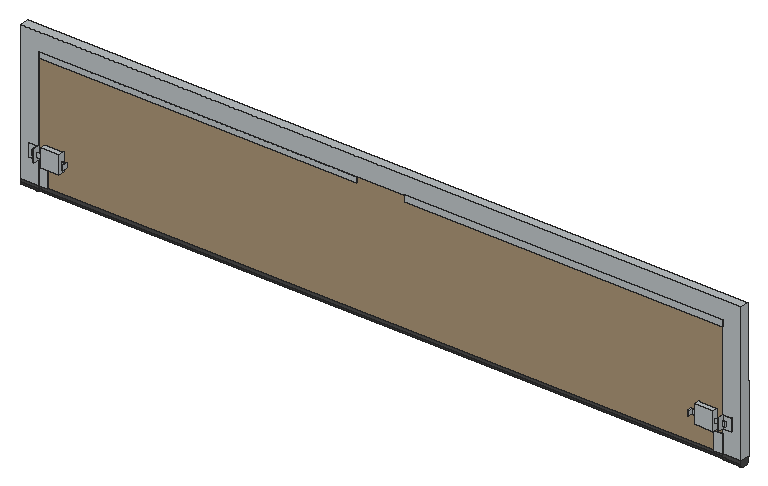
Revit family "DoorPanel_Breakaway_SuperSeal_6500", category Doors, Revit 2010
Parameters
  offset [instance] = 0' - 0"
  Warranty Duration (Years) = 0
  Unit Width [instance] = 10' - 0"
  Unit Height [instance] = 2' - 0"
  Unit Depth = 0' - 1 1/2"
  URL = "http://www.supersealmfg.com/"
  Specification = ""
  SpecWizard = ""
  Send Message = "http://www.arcat.com/users.pl?action=UserEmail&company=Super-Seal%20Mfg.%20Ltd&coid=44693&rep=119&fax=905-850-4440 &mf="
  Security Lock [instance] = yes
  Seal Material [instance] = Rubber - Super Seal - Black
  Sales Information = "http://www.supersealmfg.com/ContactUs.htm"
  Revision = "R1_07-2011"
  Product Properties = ""
  Product Data = "http://arcat.com/arcatcos/cos44/arc44693.html?isac=1&r=1"
  Panel Thickness [instance] = 0' - 1 1/4"
  Panel Material [instance] = Plastic - Vinyl - Super Seal - Brown
  Model = "As Specified"
  Manufacturer Website = "http://www.supersealmfg.com/"
  Manufacturer Phone - Toll Free = "800-337-3239 "
  Manufacturer Phone = "800-337-3239 "
  Manufacturer Fax = "905-850-4440 "
  Manufacturer Address = "670 Rowntree Dairy Rd. Woodbridge , ON, Canada L4L-5T8"
  Manufacturer = "Super-Seal Mfg. Ltd"
  Maintenance Schedule (Months) = 0
  Keynote = ""
  Installation-Fabrication = ""
  Installation Phase = ""
  Hardware Finish [instance] = Metal - Steel - Super Seal - Galvanized
  Green Building-LEED = ""
  Function = (empty or 0)
  Frame Width = 0' - 3"
  Frame Finish [instance] = Metal - Steel - Super Seal - Galvanized
  Expected Lifespan (Years) = 0
  Drawn By = "Sumex Design, Inc. / Robert S. Weygant, CSI, CDT, SCIP"
  Description = "Super Seal"
  Default Elevation = 4' - 0"
  Copyright = "©Arcat Inc."
  Construction Details = "http://arcat.com/details/supersea/supersea.html?coid=44693"
  Assembly Code = ""
Reference planes (in)
  plane 1 "Center (Front/Back)": y = 0
  plane 2 "Bottom": z = 0
  plane 3 "Center (Left/Right)": x = 0
  plane 4 "Front": y = -0.75
  plane 5 "Back": y = 0.75
  plane 6 "Left": x = -60
  plane 7 "Right": x = 60
  plane 8 "Top": z = 24
  plane 9: x = -57
  plane 10: z = 21
  plane 11: x = 57
  plane 12: z = 1
  plane 13: y = 0.625
  plane 14: y = -0.625
Forms (in)
  Sweep 1, solid, material "Metal - Steel - Super Seal - Galvanized" <- "Frame Finish"
    path origin (0, 0, 0) x (1, 0, 0) y (0, 0, 1)
      loop
        line (-60, 1) -> (-60, 24) -> (60, 24) -> (60, 1)
    profile origin (-60, 0, 12.5) x (-1, 0, 0) y (0, -1, 0)
      loop
        line (0, -0.75) -> (0, 0.75) -> (-3, 0.75) -> (-3, -0.75) -> (0, -0.75)
  Extrusion 2, solid, material "Rubber - Super Seal - Black" <- "Seal Material"
    sketch origin (-60, 16.34522, 48) x (0, 1, 0) y (0, 0, 1)
      loop
        line (-15.59522, -47) -> (-17.09522, -47) -> (-17.09522, -47.5)
        arc (-17.09522, -47.5) -> (-16.94877, -47.85355) -> (-16.59522, -48) r 0.5
        line (-16.59522, -48) -> (-16.09522, -48)
        arc (-16.09522, -48) -> (-15.74167, -47.85355) -> (-15.59522, -47.5) r 0.5
        line (-15.59522, -47.5) -> (-15.59522, -47)
    from 0 to 3
  Extrusion 3, solid, material "Rubber - Super Seal - Black" <- "Seal Material"
    sketch origin (60, 16.34522, 48) x (0, 1, 0) y (0, 0, 1)
      loop
        line (-15.59522, -47) -> (-17.09522, -47) -> (-17.09522, -47.5)
        arc (-17.09522, -47.5) -> (-16.94877, -47.85355) -> (-16.59522, -48) r 0.5
        line (-16.59522, -48) -> (-16.09522, -48)
        arc (-16.09522, -48) -> (-15.74167, -47.85355) -> (-15.59522, -47.5) r 0.5
        line (-15.59522, -47.5) -> (-15.59522, -47)
    from 0 to -3
  Extrusion 4, solid, material "Rubber - Super Seal - Black" <- "Seal Material"
    sketch origin (57, -180, 36.71658) x (0, 0, 1) y (0, -1, 0)
      loop
        line (-35.71658, -180.625) -> (-35.71658, -179.375) -> (-36.21658, -179.375)
        arc (-36.21658, -179.375) -> (-36.57013, -179.52145) -> (-36.71658, -179.875) r 0.5
        line (-36.71658, -179.875) -> (-36.71658, -180.125)
        arc (-36.71658, -180.125) -> (-36.57013, -180.47855) -> (-36.21658, -180.625) r 0.5
        line (-36.21658, -180.625) -> (-35.71658, -180.625)
    from 0 to -114
  Extrusion 5, solid, material "Plastic - Vinyl - Super Seal - Brown" <- "Panel Material"
    sketch origin (-68.51125, -0.625, 48) x (-1, 0, 0) y (0, 0, -1)
      loop
        line (-11.51125, 27) -> (-11.51125, 47) -> (-125.51125, 47) -> (-125.51125, 27) -> (-11.51125, 27)
    from 0 to -1.25
  Extrusion 6, solid, material "Metal - Steel - Super Seal - Galvanized" <- "Hardware Finish"
    sketch origin (-68.51125, 0.625, 48) x (-1, 0, 0) y (0, 0, 1)
      loop
        line (-11.51125, -27) -> (-64.51125, -27) -> (-64.51125, -28) -> (-11.51125, -28) -> (-11.51125, -27)
      loop
        line (-125.51125, -27) -> (-125.51125, -28) -> (-72.51125, -28) -> (-72.51125, -27) -> (-125.51125, -27)
    from 0 to 0.125
  Extrusion 7, solid, material "Metal - Steel - Super Seal - Galvanized" <- "Hardware Finish"
    sketch origin (-68.51125, -0.625, 48) x (-1, 0, 0) y (0, 0, -1)
      loop
        line (-11.51125, 27) -> (-11.51125, 28) -> (-64.51125, 28) -> (-64.51125, 27) -> (-11.51125, 27)
      loop
        line (-125.51125, 27) -> (-72.51125, 27) -> (-72.51125, 28) -> (-125.51125, 28) -> (-125.51125, 27)
    from 0 to 0.125
  Extrusion 8, solid, material "Metal - Steel - Super Seal - Galvanized" <- "Hardware Finish"
    sketch origin (-68.51125, -0.625, 48) x (-1, 0, 0) y (0, 0, -1)
      loop
        line (-11.51125, 44) -> (-11.51125, 47) -> (-13.01125, 47) -> (-13.01125, 44) -> (-11.51125, 44)
      loop
        line (-125.51125, 44) -> (-124.01125, 44) -> (-124.01125, 47) -> (-125.51125, 47) -> (-125.51125, 44)
    from 0 to 0.125
  Extrusion 9, solid, material "Metal - Steel - Super Seal - Galvanized" <- "Hardware Finish"
    sketch origin (-68.51125, 0.625, 48) x (-1, 0, 0) y (0, 0, 1)
      loop
        line (-11.51125, -44) -> (-13.01125, -44) -> (-13.01125, -47) -> (-11.51125, -47) -> (-11.51125, -44)
      loop
        line (-125.51125, -44) -> (-125.51125, -47) -> (-124.01125, -47) -> (-124.01125, -44) -> (-125.51125, -44)
    from 0 to 0.125
  Extrusion 10, solid, material "Metal - Steel - Super Seal - Galvanized" <- "Hardware Finish", visible <- "Security Lock"
    sketch origin (-68.51125, -0.625, 48) x (-1, 0, 0) y (0, 0, -1)
      loop
        line (-124.4353, 43.60577) -> (-124.4353, 40.60577) -> (-121.4353, 40.60577) -> (-121.4353, 43.60577) -> (-124.4353, 43.60577)
      loop
        line (-12.58721, 43.60577) -> (-15.58721, 43.60577) -> (-15.58721, 40.60577) -> (-12.58721, 40.60577) -> (-12.58721, 43.60577)
    from 0 to 1
  Extrusion 11, solid, material "Metal - Steel - Super Seal - Galvanized" <- "Hardware Finish", visible <- "Security Lock"
    sketch origin (0, 0, 0) x (1, 0, 0) y (0, 1, 0)
      loop
        line (-57, -0.75) -> (-58.5, -0.75) -> (-58.5, -0.875) -> (-57.125, -0.875) -> (-57.125, -1.75) -> (-57, -1.75) -> (-57, -0.75)
      loop
        line (57, -0.75) -> (57, -1.75) -> (57.125, -1.75) -> (57.125, -0.875) -> (58.5, -0.875) -> (58.5, -0.75) -> (57, -0.75)
    from 4.89453 to 6.89453
  Extrusion 12, solid, material "Metal - Steel - Super Seal - Galvanized" <- "Hardware Finish", visible <- "Security Lock"
    sketch origin (0, 0, 0) x (1, 0, 0) y (0, 1, 0)
      loop
        line (-57.75, -1.125) -> (-57.75, -1.25) -> (-52.125, -1.25) -> (-52.125, -1.875) -> (-52, -1.875) -> (-52, -1.125) -> (-57.75, -1.125)
      loop
        line (57.75, -1.125) -> (52, -1.125) -> (52, -1.875) -> (52.125, -1.875) -> (52.125, -1.25) -> (57.75, -1.25) -> (57.75, -1.125)
    from 5.51953 to 6.26953
Cuts and joins
  joined: Extrusion 10, Extrusion 11, Extrusion 12
Dimensions and locks (in)
  equal spacing: plane 6 "Left", plane 3 "Center (Left/Right)", plane 7 "Right"
  "Unit Width": plane 6 "Left" to plane 7 "Right"
  equal spacing: plane 5 "Back", plane 1 "Center (Front/Back)", plane 4 "Front"
  "Unit Depth": plane 5 "Back" to plane 4 "Front"
  "Unit Height": plane 8 "Top" to level
  "Frame Width": plane 7 "Right" to plane 11
  "Frame Width": plane 8 "Top" to plane 10
  "Frame Width": plane 9 to plane 6 "Left"
  locked: plane 12 to level at 1
  equal spacing: plane 14, plane 1 "Center (Front/Back)", plane 13
  "Panel Thickness": plane 13 to plane 14
  locked: Extrusion 4 sketch curve to plane 14 at 0.5
  locked: plane 13 to Extrusion 4 sketch curve at 0.5
  locked: Extrusion 4 sketch curve to level at 0.5  (x2)
  locked: Extrusion 2 sketch curve to level at 0.5  (x2)
  locked: Extrusion 2 sketch curve to plane 4 "Front" at 0.5
  locked: plane 5 "Back" to Extrusion 2 sketch curve at 0.5
  locked: Extrusion 3 sketch curve to level at 0.5  (x2)
  locked: plane 5 "Back" to Extrusion 3 sketch curve at 0.5
  locked: Extrusion 3 sketch curve to plane 4 "Front" at 0.5
  aligned and locked: Sweep 1 sketch curve to plane 5 "Back"
  aligned and locked: plane 4 "Front" to Sweep 1 sketch curve
  aligned and locked: plane 9 to Sweep 1 sketch curve
  aligned and locked: Extrusion 2 to plane 9
  aligned and locked: plane 9 to Extrusion 4
  aligned and locked: Extrusion 3 to plane 11
  aligned and locked: plane 13 to Extrusion 5
  aligned and locked: plane 13 to Extrusion 4 sketch curve
  aligned and locked: plane 14 to Extrusion 4 sketch curve
Automatic sketch dimensions
  Sweep 1 sketch curve to profile plane = 0' - 0"
  Sweep 1 sketch curve to plane 6 "Left" = 0' - 0"
  Sweep 1 sketch curve to plane 7 "Right" = 0' - 0"
  Sweep 1 sketch curve to plane 12 = 0' - 0"  (x2)
  Sweep 1 sketch curve to plane 8 "Top" = 0' - 0"
  Extrusion 2 sketch curve to plane 4 "Front" = 0' - 0"
  Extrusion 2 sketch curve to plane 12 = 0' - 0"
  Extrusion 3 sketch curve to plane 4 "Front" = 0' - 0"
  Extrusion 3 sketch curve to plane 12 = 0' - 0"
  Extrusion 4 sketch curve to plane 12 = 0' - 0"
  Extrusion 5 sketch curve to plane 10 = 0' - 0"
  Extrusion 5 sketch curve to plane 11 = 0' - 0"
  Extrusion 5 sketch curve to plane 9 = 0' - 0"
  Extrusion 5 sketch curve to plane 12 = 0' - 0"
  Extrusion 6 sketch curve to plane 11 = 0' - 0"
  Extrusion 6 sketch curve to plane 10 = 0' - 0"  (x2)
  Extrusion 6 sketch curve to plane 9 = 0' - 0"
  Extrusion 6 sketch curve to plane 10 = 0' - 1"  (x2)
  plane 3 "Center (Left/Right)" to Extrusion 6 sketch curve = 0' - 4"
  Extrusion 6 sketch curve to plane 3 "Center (Left/Right)" = 0' - 4"
  Extrusion 7 sketch curve to plane 11 = 0' - 0"
  Extrusion 7 sketch curve to plane 10 = 0' - 0"  (x2)
  Extrusion 7 sketch curve to plane 9 = 0' - 0"
  plane 10 to Extrusion 7 sketch curve = 0' - 1"  (x2)
  Extrusion 7 sketch curve to plane 3 "Center (Left/Right)" = 0' - 4"
  plane 3 "Center (Left/Right)" to Extrusion 7 sketch curve = 0' - 4"
  Extrusion 8 sketch curve to plane 11 = 0' - 0"
  Extrusion 8 sketch curve to plane 12 = 0' - 0"  (x2)
  Extrusion 8 sketch curve to plane 9 = 0' - 0"
  plane 11 to Extrusion 8 sketch curve = 0' - 1 1/2"
  Extrusion 8 sketch curve to Extrusion 8 sketch curve = 0' - 1 1/2"
  Extrusion 8 sketch curve to Extrusion 8 sketch curve = 0' - 3"
  Extrusion 8 sketch curve to plane 12 = 0' - 3"
  Extrusion 9 sketch curve to plane 11 = 0' - 0"
  Extrusion 9 sketch curve to plane 12 = 0' - 0"  (x2)
  Extrusion 9 sketch curve to plane 9 = 0' - 0"
  Extrusion 9 sketch curve to plane 11 = 0' - 1 1/2"
  Extrusion 9 sketch curve to Extrusion 9 sketch curve = 0' - 1 1/2"
  Extrusion 9 sketch curve to Extrusion 9 sketch curve = 0' - 3"
  plane 12 to Extrusion 9 sketch curve = 0' - 3"
  plane 11 to Extrusion 10 sketch curve = 0' - 1.07595"
  Extrusion 10 sketch curve to Extrusion 10 sketch curve = 0' - 3"  (x3)
  plane 9 to Extrusion 10 sketch curve = 0' - 4.07595"
  plane 9 to Extrusion 10 sketch curve = 0' - 1.07595"
  Extrusion 10 sketch curve to plane 12 = 0' - 3.39423"  (x2)
  plane 9 to Extrusion 12 sketch curve = 0' - 0 3/4"
  plane 14 to Extrusion 12 sketch curve = 0' - 1 1/4"  (x2)
  Extrusion 12 sketch curve to plane 9 = 0' - 4 7/8"
  Extrusion 12 sketch curve to Extrusion 12 sketch curve = 0' - 0 1/8"  (x4)
  Extrusion 12 sketch curve to plane 11 = 0' - 5"
  plane 11 to Extrusion 12 sketch curve = 0' - 0 3/4"
  plane 14 to Extrusion 12 sketch curve = 0' - 0 5/8"  (x2)
  Extrusion 11 sketch curve to plane 4 "Front" = 0' - 0"  (x2)
  Extrusion 11 sketch curve to plane 9 = 0' - 0"
  Extrusion 11 sketch curve to plane 11 = 0' - 0"
  plane 9 to Extrusion 11 sketch curve = 0' - 0 1/8"
  Extrusion 11 sketch curve to plane 4 "Front" = 0' - 0 1/8"  (x2)
  Extrusion 11 sketch curve to Extrusion 11 sketch curve = 0' - 1 3/8"  (x2)
  plane 11 to Extrusion 11 sketch curve = 0' - 0 1/8"
  Extrusion 11 sketch curve to Extrusion 11 sketch curve = 0' - 0 7/8"  (x2)
